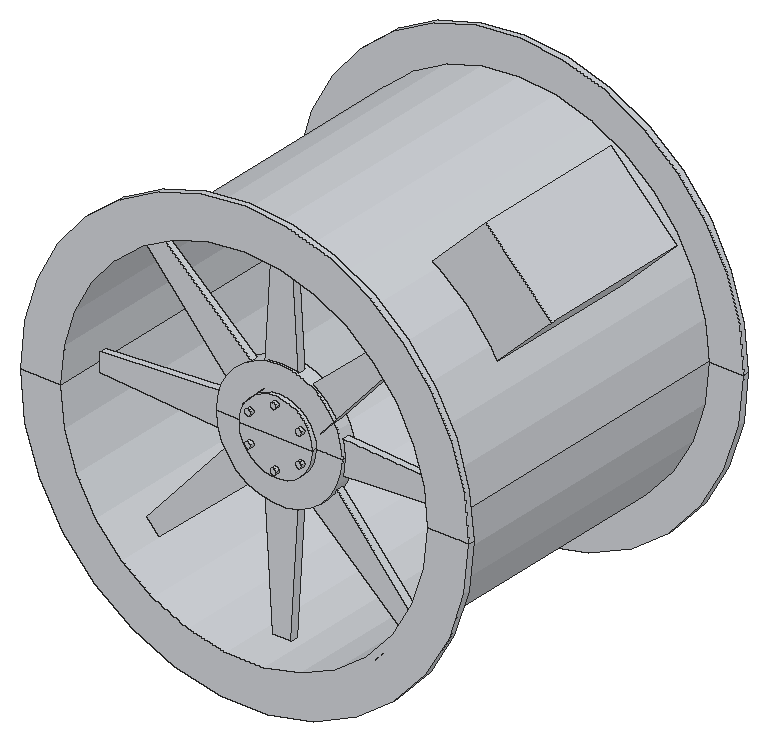
Revit family "CADS_Vent-Axia_MechEquip_Fan_LCA_315_3Ph4P - SUPPLY", category Mechanical Equipment, Revit 2020
Family settings
  Round Connector Dimension = Use Diameter
  Part Type = Normal
  OmniClass Number = 23.75.00.00
  OmniClass Title = Climate Control (HVAC)
  Work Plane-Based = No
  Always vertical = Yes
  Cut with Voids When Loaded = No
  Shared = No
  Room Calculation Point = No
Parameters (values of type "LCA313410")
  nr = NominalDiameter / 2  # 157.5 mm
  WorkingPressure = 0.0 Pa
  WarrantyStartDate [instance] = "1900-12-31T23:59:59"
  WarrantyPeriod = ""
  WarrantyIdentifier = "N/A"
  WarrantyGuarantorParts = "tech@vent-axia.com"
  WarrantyGuarantorLabor = "tech@vent-axia.com"
  WarrantyGuarantor = "Vent-Axia Limited"
  WarrantyEndDate [instance] = "1900-12-31T23:59:59"
  WarrantyContent = ""
  TemperatureRange = ""
  TagNumber [instance] = "N/A"
  SustainabilityPerformance = ""
  Status = "New"
  Size = ""
  Shape = ""
  ServiceLifeType = ""
  ServiceLifeDuration = ""
  SerialNumber [instance] = "N/A"
  ReplacementCost = ""
  RatedVoltage = 0 V
  RatedCurrent = 0 A
  Quantity = 1
  ProductionYear = ""
  PressureCurve = ""
  PowerFactor = ""
  PointOfContact = ""
  NumberOfPoles = 0
  NominalWidth = 315 mm
  NominalLength = 300 mm
  NominalHeight = 315 mm
  NominalFrequencyRange = ""
  NominalDiameter = 315 mm
  ModelReference = "LCAX 315mm 3PH 4P 10DEG"
  ModelNumber = "LCA313410"
  Material = ""
  ManufacturerE-Mail = "tech@vent-axia.com"
  ManufacturerAddress = "Fleming Way\nCrawley \nRH10 9YX"
  IsExtendedWarranty = no
  InsulationStandardClass = ""
  InstallationDate [instance] = "1900-12-31T23:59:59"
  IfcExportType [instance] = ""
  IfcExportAs = "IfcFanType"
  IP_Code = ""
  HasProtectiveEarth = no
  GrossWeight = 0.00 kg
  Grade = ""
  GlobalTradeItemNumber [instance] = "N/A"
  Fitting Type = "Ignore"
  Finish = ""
  Features = ""
  ExteriorInsulation = no
  ExpectedServiceLife = 0
  Exclusions = ""
  DurationUnit = "Year"
  Default Elevation = 0 mm
  Constituents = ""
  ConductorFunction = ""
  Color = ""
  CodePerformance = ""
  Category = ""
  CADS_Usage = 0
  CADS_Index = 0
  AssetType = "FIXED"
  AssetIdentifier [instance] = "N/A"
  AssemblyPlace = "UNKNOWN"
  ArticleNumber [instance] = "N/A"
  AirflowRateRange = 0.0 L/s
  Air Flow [instance] = 0.0 L/s
  AccessibilityPerformance = ""
Types (16, lengths in mm): name | ModelReference | ModelNumber
  LCA313410 | "LCAX 315mm 3PH 4P 10DEG" | "LCA313410"
  LCA313412 | "LCAX 315mm 3PH 4P 12DEG" | "LCA313412"
  LCA313414 | "LCAX 315mm 3PH 4P 14DEG" | "LCA313414"
  LCA313416 | "LCAX 315mm 3PH 4P 16DEG" | "LCA313416"
  LCA313418 | "LCAX 315mm 3PH 4P 18DEG" | "LCA313418"
  LCA313420 | "LCAX 315mm 3PH 4P 20DEG" | "LCA313420"
  LCA313422 | "LCAX 315mm 3PH 4P 22DEG" | "LCA313422"
  LCA313424 | "LCAX 315mm 3PH 4P 24DEG" | "LCA313424"
  LCA313426 | "LCAX 315mm 3PH 4P 26DEG" | "LCA313426"
  LCA313428 | "LCAX 315mm 3PH 4P 28DEG" | "LCA313428"
  LCA313430 | "LCAX 315mm 3PH 4P 30DEG" | "LCA313430"
  LCA313432 | "LCAX 315mm 3PH 4P 32DEG" | "LCA313432"
  LCA313434 | "LCAX 315mm 3PH 4P 34DEG" | "LCA313434"
  LCA313436 | "LCAX 315mm 3PH 4P 36DEG" | "LCA313436"
  LCA313438 | "LCAX 315mm 3PH 4P 38DEG" | "LCA313438"
  LCA313440 | "LCAX 315MM 3PH 4P 40DEG" | "LCA313440"
Reference planes
  plane 1 "Center (Front/Back)": y = 0
  plane 2: z = 0
  plane 3 "Center (Left/Right)": x = 0
  plane 4: x = -157.5
  plane 5: x = 157.5
  plane 6 "F": y = -150
  plane 7 "B": y = 150
  plane 8: x = -192.5
  plane 9: y = 145
  plane 10: y = -145
  plane 11: x = -162.5
  plane 12: y = -110
  plane 13 "top": z = 157.5
  plane 14: z = -157.5
  plane 15 "45deg": through (0, -1524, 0) normal (-0.7071, 0, -0.7071)
  plane 16 "C": through (0, -1524, 0) normal (-0.7071, 0, 0.7071)
Forms (mm)
  Revolve 1, solid
    sketch origin (0, 0, 0) x (1, 0, 0) y (0, 1, 0)
      loop
        line (-192.5, -150) -> (-157.5, -150) -> (-157.5, 150) -> (-192.5, 150) -> (-192.5, 145) -> (-162.5, 145) -> (-162.5, -145) -> (-192.5, -145) -> (-192.5, -150)
      axis (0, 150) -> (0, -150)
    angle from 0 to 360
  Sweep 2, solid
    path origin (0, 0, 0) x (1, 0, 0) y (0, 0, 1)
      loop
        line (111.369, 111.369) -> (157.331, 157.331)
    profile origin (134.35, 0, 134.35) x (-0.707107, 0, 0.707107) y (0, -1, 0)
      loop
        line (37.5, 55) -> (-42.73, 55) -> (-42.73, -79.5) -> (37.5, -79.5) -> (37.5, 55)
Dimensions and locks
  equal spacing: plane 4, plane 3 "Center (Left/Right)", plane 5
  equal spacing: plane 7 "B", plane 1 "Center (Front/Back)", plane 6 "F"
  "NominalLength": plane 7 "B" to plane 6 "F"
  "NominalDiameter": plane 4 to plane 5
  locked: plane 11 to plane 4 at 5
  locked: plane 8 to plane 11 at 30
  locked: plane 6 "F" to plane 10 at 5
  locked: plane 7 "B" to plane 9 at 5
  locked: plane 6 "F" to plane 12 at 40
  equal spacing: plane 13 "top", level, plane 14
  "NominalDiameter": plane 13 "top" to plane 14
  "nr": Sweep 2 sketch curve to nested 13
  Sweep 2 sketch curve to Sweep 2 sketch curve = 65 mm
  aligned and locked: level to plane 2
  aligned and locked: nested 1 to plane 12
Automatic sketch dimensions
  plane 6 "F" to Revolve 1 sketch curve = 0 mm
  Revolve 1 sketch curve to plane 8 = 0 mm  (x2)
  plane 10 to Revolve 1 sketch curve = 0 mm
  Revolve 1 sketch curve to plane 11 = 0 mm
  Revolve 1 sketch curve to plane 4 = 0 mm
  Revolve 1 sketch curve to plane 3 "Center (Left/Right)" = 0 mm
  plane 1 "Center (Front/Back)" to Revolve 1 sketch curve = 0 mm
  Revolve 1 sketch curve to plane 9 = 0 mm
  Revolve 1 sketch curve to plane 7 "B" = 0 mm
  plane 6 "F" to Revolve 1 sketch curve = 115 mm
  plane 1 "Center (Front/Back)" to Sweep 2 sketch curve = 55 mm
  Sweep 2 sketch curve to profile plane = 37.5 mm
  Sweep 2 sketch curve to Sweep 2 sketch curve = 80.23 mm
  Sweep 2 sketch curve to Sweep 2 sketch curve = 134.5 mm
  Sweep 2 sketch curve to plane 16 "C" = 0 mm  (x2)
Nested families
  nested 1: "Fan for ESC" at (0, -110, 0), ND <- "NominalDiameter", type "Fan for ESC"
    with hub 31.5 mm, ND 315 mm, BoltPCD 25.2 mm, Bolt Count 6, B_Diam 5 mm
  nested 2: "Bolts" at (21.824, -119.172, -12.6) x (-0.5, 0, -0.866) z (0, 1, 0), type "Bolts"
    with bd 5 mm
  nested 3: "Bolts" at (0, -119.172, -25.2) x (-1, 0, 0) z (0, 1, 0), type "Bolts"
    with bd 5 mm
  nested 4: "Bolts" at (-21.824, -119.172, -12.6) x (-0.5, 0, 0.866) z (0, 1, 0), type "Bolts"
    with bd 5 mm
  nested 5: "Bolts" at (-21.824, -119.172, 12.6) x (0.5, 0, 0.866) z (0, 1, 0), type "Bolts"
    with bd 5 mm
  nested 6: "Bolts" at (21.824, -119.172, 12.6) x (0.5, 0, -0.866) z (0, 1, 0), type "Bolts"
    with bd 5 mm
  nested 7: "Bolts" at (0, -119.172, 25.2) x (1, 0, 0) z (0, 1, 0), type "Bolts"
    with bd 5 mm
  nested 8: "ESC Blade" at (0, -110, 0), type "ESC Blade"
    with a 20.00°, HR 31.5 mm, HD 63 mm, BT 15.75 mm, BR 126 mm, BH 40 mm, BD 315 mm, BB 31.5 mm
  nested 9: "ESC Blade" at (0, -110, 0) x (0.7071, 0, -0.7071) z (0.7071, 0, 0.7071), type "ESC Blade"
    with a 20.00°, HR 31.5 mm, HD 63 mm, BT 15.75 mm, BR 126 mm, BH 40 mm, BD 315 mm, BB 31.5 mm
  nested 10: "ESC Blade" at (0, -110, 0) x (0, 0, -1) z (1, 0, 0), type "ESC Blade"
    with a 20.00°, HR 31.5 mm, HD 63 mm, BT 15.75 mm, BR 126 mm, BH 40 mm, BD 315 mm, BB 31.5 mm
  nested 11: "ESC Blade" at (0, -110, 0) x (-0.7071, 0, -0.7071) z (0.7071, 0, -0.7071), type "ESC Blade"
    with a 20.00°, HR 31.5 mm, HD 63 mm, BT 15.75 mm, BR 126 mm, BH 40 mm, BD 315 mm, BB 31.5 mm
  nested 12: "ESC Blade" at (0, -110, 0) x (-1, 0, 0) z (0, 0, -1), type "ESC Blade"
    with a 20.00°, HR 31.5 mm, HD 63 mm, BT 15.75 mm, BR 126 mm, BH 40 mm, BD 315 mm, BB 31.5 mm
  nested 13: "ESC Blade" at (0, -110, 0) x (-0.7071, 0, -0.7071) z (-0.7071, 0, 0.7071), type "ESC Blade"
    with a 20.00°, HR 31.5 mm, HD 63 mm, BT 15.75 mm, BR 126 mm, BH 40 mm, BD 315 mm, BB 31.5 mm
  nested 14: "ESC Blade" at (0, -110, 0) x (0, 0, -1) z (-1, 0, 0), type "ESC Blade"
    with a 20.00°, HR 31.5 mm, HD 63 mm, BT 15.75 mm, BR 126 mm, BH 40 mm, BD 315 mm, BB 31.5 mm
  nested 15: "ESC Blade" at (0, -110, 0) x (0.7071, 0, -0.7071) z (-0.7071, 0, -0.7071), type "ESC Blade"
    with a 20.00°, HR 31.5 mm, HD 63 mm, BT 15.75 mm, BR 126 mm, BH 40 mm, BD 315 mm, BB 31.5 mm
Connectors
  hvac at (0, -150, 0), driven by "NominalDiameter", driven by "Air Flow"
    settings: on Revolve 1, index 1, duct flow 0.0 L/s, flow factor 0, pres drop 0.0 Pa, loss coef 0, conn angle 0.00°, conn width 304.8 mm, conn height 304.8 mm, conn diameter 315 mm, duct sys type 1, conn prof type 0, flow config 1, flow direction 1, loss method 0, conn ref index -1, conn util no, is conn primary yes, conn desc ""
  hvac at (0, 150, 0), driven by "NominalDiameter", driven by "Air Flow"
    settings: on Revolve 1, index 2, duct flow 0.0 L/s, flow factor 0, pres drop 0.0 Pa, loss coef 0, conn angle 0.00°, conn width 304.8 mm, conn height 304.8 mm, conn diameter 315 mm, duct sys type 1, conn prof type 0, flow config 0, flow direction 2, loss method 0, conn ref index -1, conn util no, is conn primary no, conn desc ""
Definition of nested family "Fan for ESC"
  Parameters (values of type "Fan for ESC")
    hub [instance] = ND / 10  # 56.7 mm
    ND [instance] = 567 mm
    Model = "."
    Default Elevation = 0 mm
    BoltPCD [instance] = hub - (hub * 0.2)  # 45.36 mm
    Bolt Count [instance] = if(hub < 50 mm, 6, 8)  # 8
    B_Diam [instance] = if(hub < 50 mm, 5 mm, 10 mm)  # 10 mm
  Reference planes
    plane 1 "Center (Front/Back)": y = 0
    plane 2: z = 0
    plane 3 "Center (Left/Right)": x = 0
    plane 4 "back": y = 20
    plane 5 "bolts": y = -9.172
    plane 6 "B": z = 56.7
    plane 7: x = -79.287
    plane 8: x = -56.7
    plane 9 "hubface": y = -6.172
  Forms (mm)
    Revolve 1, solid
      sketch origin (0, 0, 0) x (1, 0, 0) y (0, 1, 0)
        loop
          line (0, 20) -> (-56.7, 20) -> (-56.7, 10.504) -> (-79.287, 10.504) -> (-79.287, -2.597) -> (-56.7, -2.597) -> (-56.7, -6.172) -> (0, -6.172) -> (0, 20)
        axis (0, 20) -> (0, -6.172)
      angle from 0 to 360
    Extrusion 2, solid, not visible
      sketch origin (0, -6.347, -4) x (-1, 0, 0) y (0, 0, 1)
        loop
          circle (0, 84) r 5
      from 0 to 3
  Lines and regions (mm)
    symbolic lines
      curve 1: circle (0, -9.172, 0) r 45.36 normal (0, 1, 0)
    model lines, not visible
      curve 2: line (0, -6.347, 85) -> (0, -6.347, 75)
  Dimensions and locks
    "hub": plane 6 "B" to plane 2
    "hub": nested 3 to plane 3 "Center (Left/Right)"
    "hub": nested 4 to plane 3 "Center (Left/Right)"
    "hub": nested 5 to plane 3 "Center (Left/Right)"
    "hub": plane 3 "Center (Left/Right)" to nested 6
    "hub": Revolve 1 sketch curve to Revolve 1 sketch curve
    "hub": plane 3 "Center (Left/Right)" to nested 7
    "hub": plane 3 "Center (Left/Right)" to nested 8
    "hub": plane 3 "Center (Left/Right)" to nested 9
    "hub": plane 8 to plane 3 "Center (Left/Right)"
    plane 7 to plane 8 = 22.587 mm
    diameter of Extrusion 2 sketch curve = 10 mm
    "BoltPCD": radius of curve 1
    "BoltPCD": radius of radial array
    aligned and locked: level to plane 2
    aligned and locked: plane 6 "B" to nested 1
  Automatic sketch dimensions
    Revolve 1 sketch curve to plane 7 = 0 mm
    Revolve 1 sketch curve to plane 8 = 0 mm  (x2)
    Revolve 1 sketch curve to plane 3 "Center (Left/Right)" = 0 mm
    Revolve 1 sketch curve to plane 9 "hubface" = 0 mm
    plane 4 "back" to Revolve 1 sketch curve = 0 mm
    plane 1 "Center (Front/Back)" to Revolve 1 sketch curve = 2.597 mm
    plane 4 "back" to Revolve 1 sketch curve = 9.496 mm
    Revolve 1 sketch curve to Revolve 1 sketch curve = 5 mm
    Revolve 1 sketch curve to plane 4 "back" = 45 mm
    curve 1 to level = 0 mm
    curve 1 to plane 3 "Center (Left/Right)" = 0 mm
  Nested families
    nested 1: "ESC Blade" at (0, 0, 0), BD <- "ND", HD <- "hub", type "ESC Blade"
      with a 20.00°, HR 56.7 mm, HD 113.4 mm, BT 28.35 mm, BR 226.8 mm, BH 40 mm, BD 567 mm, BB 56.7 mm
    nested 2: "ESC Blade" at (0, 0, 755), BD <- "ND", HD <- "hub", type "ESC Blade", not visible
      with a 20.00°, HR 56.7 mm, HD 113.4 mm, BT 28.35 mm, BR 226.8 mm, BH 40 mm, BD 567 mm, BB 56.7 mm
    nested 3: "ESC Blade" at (0, 0, 0) x (0.7071, 0, -0.7071) z (0.7071, 0, 0.7071), BD <- "ND", HD <- "hub", type "ESC Blade"
      with a 20.00°, HR 56.7 mm, HD 113.4 mm, BT 28.35 mm, BR 226.8 mm, BH 40 mm, BD 567 mm, BB 56.7 mm
    nested 4: "ESC Blade" at (0, 0, 0) x (0, 0, -1) z (1, 0, 0), BD <- "ND", HD <- "hub", type "ESC Blade"
      with a 20.00°, HR 56.7 mm, HD 113.4 mm, BT 28.35 mm, BR 226.8 mm, BH 40 mm, BD 567 mm, BB 56.7 mm
    nested 5: "ESC Blade" at (0, 0, 0) x (-0.7071, 0, -0.7071) z (0.7071, 0, -0.7071), BD <- "ND", HD <- "hub", type "ESC Blade"
      with a 20.00°, HR 56.7 mm, HD 113.4 mm, BT 28.35 mm, BR 226.8 mm, BH 40 mm, BD 567 mm, BB 56.7 mm
    nested 6: "ESC Blade" at (0, 0, 0) x (-1, 0, 0) z (0, 0, -1), BD <- "ND", HD <- "hub", type "ESC Blade"
      with a 20.00°, HR 56.7 mm, HD 113.4 mm, BT 28.35 mm, BR 226.8 mm, BH 40 mm, BD 567 mm, BB 56.7 mm
    nested 7: "ESC Blade" at (0, 0, 0) x (-0.7071, 0, -0.7071) z (-0.7071, 0, 0.7071), BD <- "ND", HD <- "hub", type "ESC Blade"
      with a 20.00°, HR 56.7 mm, HD 113.4 mm, BT 28.35 mm, BR 226.8 mm, BH 40 mm, BD 567 mm, BB 56.7 mm
    nested 8: "ESC Blade" at (0, 0, 0) x (0, 0, -1) z (-1, 0, 0), BD <- "ND", HD <- "hub", type "ESC Blade"
      with a 20.00°, HR 56.7 mm, HD 113.4 mm, BT 28.35 mm, BR 226.8 mm, BH 40 mm, BD 567 mm, BB 56.7 mm
    nested 9: "ESC Blade" at (0, 0, 0) x (0.7071, 0, -0.7071) z (-0.7071, 0, -0.7071), BD <- "ND", HD <- "hub", type "ESC Blade"
      with a 20.00°, HR 56.7 mm, HD 113.4 mm, BT 28.35 mm, BR 226.8 mm, BH 40 mm, BD 567 mm, BB 56.7 mm
    nested 10: "Bolts" at (0, -9.172, 45.36) x (1, 0, 0) z (0, 1, 0), bd <- "B_Diam", type "Bolts"
      with bd 10 mm
    nested 11: "Bolts" at (32.074, -9.172, 32.074) x (0.7071, 0, -0.7071) z (0, 1, 0), bd <- "B_Diam", type "Bolts"
      with bd 10 mm
    nested 12: "Bolts" at (-32.074, -9.172, 32.074) x (0.7071, 0, 0.7071) z (0, 1, 0), bd <- "B_Diam", type "Bolts"
      with bd 10 mm
    nested 13: "Bolts" at (-45.36, -9.172, 0) x (0, 0, 1) z (0, 1, 0), bd <- "B_Diam", type "Bolts"
      with bd 10 mm
    nested 14: "Bolts" at (-32.074, -9.172, -32.074) x (-0.7071, 0, 0.7071) z (0, 1, 0), bd <- "B_Diam", type "Bolts"
      with bd 10 mm
    nested 15: "Bolts" at (0, -9.172, -45.36) x (-1, 0, 0) z (0, 1, 0), bd <- "B_Diam", type "Bolts"
      with bd 10 mm
    nested 16: "Bolts" at (32.074, -9.172, -32.074) x (-0.7071, 0, -0.7071) z (0, 1, 0), bd <- "B_Diam", type "Bolts"
      with bd 10 mm
    nested 17: "Bolts" at (45.36, -9.172, 0) x (0, 0, -1) z (0, 1, 0), bd <- "B_Diam", type "Bolts"
      with bd 10 mm
  Definition of nested family "ESC Blade"
    Parameters (values of type "ESC Blade")
      a [instance] = 20.00°
      HR [instance] = HD / 2  # 30 mm
      HD [instance] = BD / 5  # 60 mm
      Default Elevation = 1219.2 mm
      BT [instance] = BD / 20  # 15 mm
      BR [instance] = (BD / 2) - HR  # 120 mm
      BH [instance] = 40 mm
      BD [instance] = 300 mm
      BB [instance] = BD / 10  # 30 mm
    Reference planes
      plane 1 "Center (Front/Back)": y = 0
      plane 2: z = 0
      plane 3 "Center (Left/Right)": x = 0
      plane 4 "Blade Bot": z = 30
      plane 5: x = -15
      plane 6: x = 15
      plane 7: x = -7.5
      plane 8: x = 7.5
    Forms (mm)
      Blend 1, solid
        base sketch origin (0, 0, 30) x (-1, 0, 0) y (0, -1, 0)
          loop
            line (15, 0) -> (-15, 0) -> (-15, -6) -> (15, -6) -> (15, 0)
        top sketch origin (0, 0, 30) x (-1, 0, 0) y (0, -1, 0)
          loop
            line (7.5, -6) -> (7.5, 0) -> (-7.5, 0) -> (-7.5, -6) -> (7.5, -6)
        from 0 to 120 <- "BR"
    Dimensions and locks
      "HR": plane 4 "Blade Bot" to level
      equal spacing: plane 8, plane 3 "Center (Left/Right)", plane 7
      "BT": plane 8 to plane 7
      equal spacing: plane 6, plane 3 "Center (Left/Right)", plane 5
      "BB": plane 6 to plane 5
      aligned and locked: level to plane 2
    Automatic sketch dimensions
      plane 1 "Center (Front/Back)" to Blend 1 sketch curve = 0 mm  (x2)
      Blend 1 sketch curve to plane 6 = 0 mm
      Blend 1 sketch curve to plane 5 = 0 mm
      Blend 1 sketch curve to plane 1 "Center (Front/Back)" = 6 mm  (x2)
      Blend 1 sketch curve to plane 8 = 0 mm
      Blend 1 sketch curve to plane 7 = 0 mm
  Definition of nested family "Bolts"
    Parameters
      bd [instance] = 10 mm
      Default Elevation = 1219.2 mm
    Reference planes
      plane 1 "Center (Front/Back)": y = 0
      plane 2: z = 0
      plane 3 "Center (Left/Right)": x = 0
    Forms (mm)
      Extrusion 1, solid
        sketch origin (0, 0, 0) x (1, 0, 0) y (0, 1, 0)
          loop
            line (-1219.2, 1219.2) -> (-1219.2, -1219.2) -> (1219.2, -1219.2) -> (1219.2, 1219.2) -> (-1219.2, 1219.2)
        from 0 to -304.8
      Extrusion 2, solid
        sketch origin (0, 0, 0) x (1, 0, 0) y (0, 1, 0)
          loop
            circle (0, 0) r 5
        from 0 to 3
    Dimensions and locks
      "bd": diameter of Extrusion 2 sketch curve
      aligned and locked: plane 2 to Extrusion 1
      aligned and locked: level to Extrusion 1
    Automatic sketch dimensions
      Extrusion 1 sketch curve to Extrusion 1 sketch curve = 2438.4 mm  (x2)
      plane 1 "Center (Front/Back)" to Extrusion 2 sketch curve = 0 mm
      Extrusion 2 sketch curve to plane 3 "Center (Left/Right)" = 0 mm
Definition of nested family "Bolts"
  Parameters
    bd [instance] = 10 mm
    Default Elevation = 1219.2 mm
  Reference planes
    plane 1 "Center (Front/Back)": y = 0
    plane 2: z = 0
    plane 3 "Center (Left/Right)": x = 0
  Forms (mm)
    Extrusion 1, solid
      sketch origin (0, 0, 0) x (1, 0, 0) y (0, 1, 0)
        loop
          line (-1219.2, 1219.2) -> (-1219.2, -1219.2) -> (1219.2, -1219.2) -> (1219.2, 1219.2) -> (-1219.2, 1219.2)
      from 0 to -304.8
    Extrusion 2, solid
      sketch origin (0, 0, 0) x (1, 0, 0) y (0, 1, 0)
        loop
          circle (0, 0) r 5
      from 0 to 3
  Dimensions and locks
    "bd": diameter of Extrusion 2 sketch curve
    aligned and locked: plane 2 to Extrusion 1
    aligned and locked: level to Extrusion 1
  Automatic sketch dimensions
    Extrusion 1 sketch curve to Extrusion 1 sketch curve = 2438.4 mm  (x2)
    plane 1 "Center (Front/Back)" to Extrusion 2 sketch curve = 0 mm
    Extrusion 2 sketch curve to plane 3 "Center (Left/Right)" = 0 mm
Definition of nested family "ESC Blade"
  Parameters (values of type "ESC Blade")
    a [instance] = 20.00°
    HR [instance] = HD / 2  # 30 mm
    HD [instance] = BD / 5  # 60 mm
    Default Elevation = 1219.2 mm
    BT [instance] = BD / 20  # 15 mm
    BR [instance] = (BD / 2) - HR  # 120 mm
    BH [instance] = 40 mm
    BD [instance] = 300 mm
    BB [instance] = BD / 10  # 30 mm
  Reference planes
    plane 1 "Center (Front/Back)": y = 0
    plane 2: z = 0
    plane 3 "Center (Left/Right)": x = 0
    plane 4 "Blade Bot": z = 30
    plane 5: x = -15
    plane 6: x = 15
    plane 7: x = -7.5
    plane 8: x = 7.5
  Forms (mm)
    Blend 1, solid
      base sketch origin (0, 0, 30) x (-1, 0, 0) y (0, -1, 0)
        loop
          line (15, 0) -> (-15, 0) -> (-15, -6) -> (15, -6) -> (15, 0)
      top sketch origin (0, 0, 30) x (-1, 0, 0) y (0, -1, 0)
        loop
          line (7.5, -6) -> (7.5, 0) -> (-7.5, 0) -> (-7.5, -6) -> (7.5, -6)
      from 0 to 120 <- "BR"
  Dimensions and locks
    "HR": plane 4 "Blade Bot" to level
    equal spacing: plane 8, plane 3 "Center (Left/Right)", plane 7
    "BT": plane 8 to plane 7
    equal spacing: plane 6, plane 3 "Center (Left/Right)", plane 5
    "BB": plane 6 to plane 5
    aligned and locked: level to plane 2
  Automatic sketch dimensions
    plane 1 "Center (Front/Back)" to Blend 1 sketch curve = 0 mm  (x2)
    Blend 1 sketch curve to plane 6 = 0 mm
    Blend 1 sketch curve to plane 5 = 0 mm
    Blend 1 sketch curve to plane 1 "Center (Front/Back)" = 6 mm  (x2)
    Blend 1 sketch curve to plane 8 = 0 mm
    Blend 1 sketch curve to plane 7 = 0 mm
